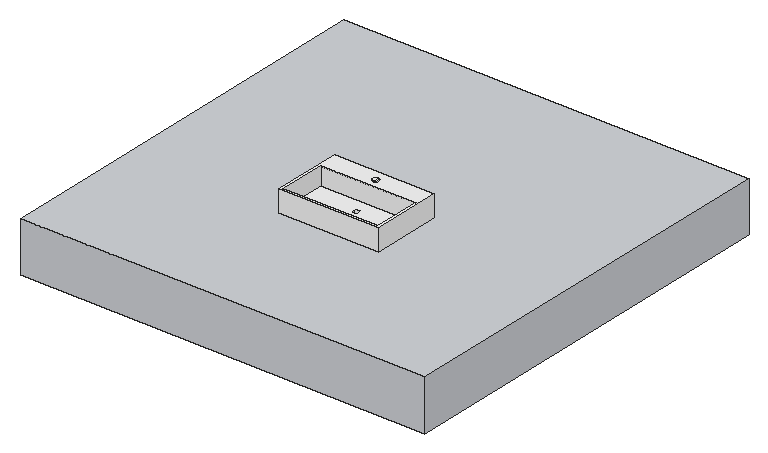
Revit family "IS_Strada_K0781_BIM_BE", category Plumbing Fixtures, host Face, Revit 2015
Parameters (values of type "K078101 - Strada Lavabo à poser 60 cm")
  Wisselstukken = "isaftersalesbelgium@idealstandard.com"
  WaarborgGarantieInstallatie = "n/a"
  Vorm = "rechthoekig"
  Volumeunits = "liter"
  Verwachtelevensduur = "25 jaar"
  Vervangingskosten = 0
  Versie = "1"
  ValutaEenheid = "n/a"
  Urlproducent = "www.idealstandard.be"
  Uniclass2015Version = "Products v1.1"
  Uniclass2015Referentie = "Pr_40_20_96"
  Uniclass2015Beschrijving = "Wash basins, sinks and troughs"
  URL = "www.idealstandard.be"
  Typewastafel = "opbouwwastafel"
  Typeconnectie = "Sanitair"
  Type Comments = "n/a"
  Toepassing = "n/a"
  Telefoonnummer = "0032 2 325 66 00"
  Revisie = "n/a"
  Referentie = "n/a"
  Productinformatie = "www.idealstandard.be"
  ProductSoort = "n/a"
  OppervlakteEenheid = "n/a"
  OppervlakteAfmeting = "n/a"
  Ophangingwastafel = "opbouw"
  Normen = "n/a"
  Nettogewicht = 15
  Model = "K078101"
  Merk = "Ideal Standard"
  Materiaal = "fijne vuurklei"
  Manufacturer = "www.idealstandard.be"
  Longueur = 420 mm
  Lengte = 0 mm
  Largeur = 600 mm
  Kwaliteitsgraad = "n/a"
  Kleur = "Wit"
  Installatieinstructies = "www.idealstandard.be"
  IfcExportType = "WASHHANDBASINS"
  IfcExportAs = "IfcSanitaryTerminalType"
  Hulp = "issalesbelgium@idealstandard.com"
  Hoogte = "n/a"
  Hauteur = 130 mm
  GrootteAfvoergat = 0
  GemaaktOp = "n/a"
  Garantieunits = "isaftersalesbelgium@idealstandard.com"
  Garantieonderdelen = "10"
  GarantieduurInstallatie = "n/a"
  Eigenschappen = "Strada opbouwwastafel 600mm uit fijne vuurklei. Achterzijde is geglazuurd. 1 kraangat midden doorgestoken."
  Duurzaamheid = "n/a"
  DuurEenheid = "jaar"
  Distributeur = "n/a"
  Dimensions = "420 x 600 x 130 mm"
  Diepte = 0 mm
  Description = "Strada Lavabo à poser 60 cm"
  Default Elevation = 0 mm
  Cost = 0
  BrutoGewicht = 0
  Breedte = 0
  BimObjectNaam = "ISI_IdealStandard_Lavabo_Strada_K078101"
  Bestanddelen = "n/a"
  Beschrijvinggarantie = "Fabrieksgarantie"
  BasinMaterial = IS_RenderMaterial_VitreousChina
  Barrièrevrijwonen = "n/a"
  Barcode = "4015413031424"
  Auteur = "Ideal Standard Produktions-GmbH"
  Artikelreferentie = "n/a"
  Artikelomschrijving = "n/a"
  Artikelnummer = "n/a"
  Afwerking = "Wit"
  AfstandsEenheid = "n/a"
  Afmetingen = "n/a"
  Accesoires = "www.idealstandard.be"
Reference planes
  plane 1 "Center (Front/Back)": y = 0
  plane 2: z = 0
  plane 3 "Center (Left/Right)": x = 0
  plane 4: y = -65
  plane 5: y = -420
  plane 6: z = 130
  plane 7: x = 300
  plane 8: x = -300
Forms (mm)
  Extrusion 1, solid
    sketch origin (0, 0, 0) x (1, 0, 0) y (0, 1, 0)
      loop
        line (-1219.2, 1219.2) -> (-1219.2, -1219.2) -> (1219.2, -1219.2) -> (1219.2, 1219.2) -> (-1219.2, 1219.2)
    from 0 to -304.8
  Extrusion 2, solid, material "IS_RenderMaterial_VitreousChina" <- "BasinMaterial"
    sketch origin (-250, 0, 0) x (1, 0, 0) y (0, 1, 0)
      loop
        line (-50, 0) -> (-50, -420) -> (550, -420) -> (550, 0) -> (-50, 0)
    from 0 to 130
  Extrusion 3, void
    sketch origin (-250, -4572, 130) x (0, -1, 0) y (-1, 0, 0)
      loop
        line (-4452, 35) -> (-4452, -535) -> (-4167, -535) -> (-4167, 35) -> (-4452, 35)
    from 0 to 110
  Extrusion 4, void
    sketch origin (-250, 0, 0) x (1, 0, 0) y (0, 1, 0)
      loop
        circle (250, -210) r 16
    from 0 to 130
  Revolve 5, solid, material "IS_RenderMaterial_VitreousChina"
    sketch origin (0, 0, 0) x (0, 1, 0) y (0, 0, 1)
      loop
        line (-65, 130.168) -> (-82.468, 130.168) -> (-82.468, 125.168) -> (-65, 125.168) -> (-65, 130.168)
      axis (-65, 130.168) -> (-65, 125.168)
    angle from 0 to 360
Cuts and joins
  Extrusion 3, Extrusion 4 cuts Extrusion 2
Dimensions and locks
  "Longueur": plane 1 "Center (Front/Back)" to plane 5
  "Hauteur": plane 6 to level
  "Largeur": plane 7 to plane 8
  aligned and locked: plane 2 to Extrusion 1
  aligned and locked: level to Extrusion 1
  aligned and locked: Revolve 5 sketch curve to plane 4
Automatic sketch dimensions
  Extrusion 1 sketch curve to Extrusion 1 sketch curve = 2438.4 mm  (x2)
  Extrusion 2 sketch curve to plane 5 = 0 mm
  plane 1 "Center (Front/Back)" to Extrusion 2 sketch curve = 0 mm
  Extrusion 2 sketch curve to plane 3 "Center (Left/Right)" = 300 mm
  plane 3 "Center (Left/Right)" to Extrusion 2 sketch curve = 300 mm
  Extrusion 3 sketch curve to plane 4 = 55 mm
  plane 5 to Extrusion 3 sketch curve = 15 mm
  Extrusion 3 sketch curve to plane 3 "Center (Left/Right)" = 285 mm
  plane 3 "Center (Left/Right)" to Extrusion 3 sketch curve = 285 mm
  Extrusion 4 sketch curve to plane 3 "Center (Left/Right)" = 0 mm
  Extrusion 4 sketch curve to plane 4 = 145 mm
  Revolve 5 sketch curve to plane 4 = 0 mm
  Revolve 5 sketch curve to plane 6 = 4.832 mm
  Revolve 5 sketch curve to plane 4 = 17.468 mm
  plane 6 to Revolve 5 sketch curve = 0.168 mm
  Revolve 5 sketch curve to Revolve 5 sketch curve = 10.044 mm
  Revolve 5 sketch curve to Revolve 5 sketch curve = 7.204 mm
  radius of Extrusion 4 sketch curve = 16 mm
Connectors
  piping at (0, -210, 0), diameter 32
    settings: on cut or joined group of Extrusion 2, Extrusion 3, Extrusion 4, index 1, connector inside diameter 609.6 mm, connector length 0 mm, flow factor 0, pipe flow 0.0 L/s, pressure drop 0.0 Pa, fitting loss kfactor 0, connector angle 0.00°, fixture units 0, engagement length 0 mm, angle of deflection 0.00°, flow configuration 2, flow direction 2, fitting loss method 0, system type 16, joint type 0, gender type 0, connector reference index -1, connector utility 0, adjustable connector no, is connector primary yes, connector description ""
